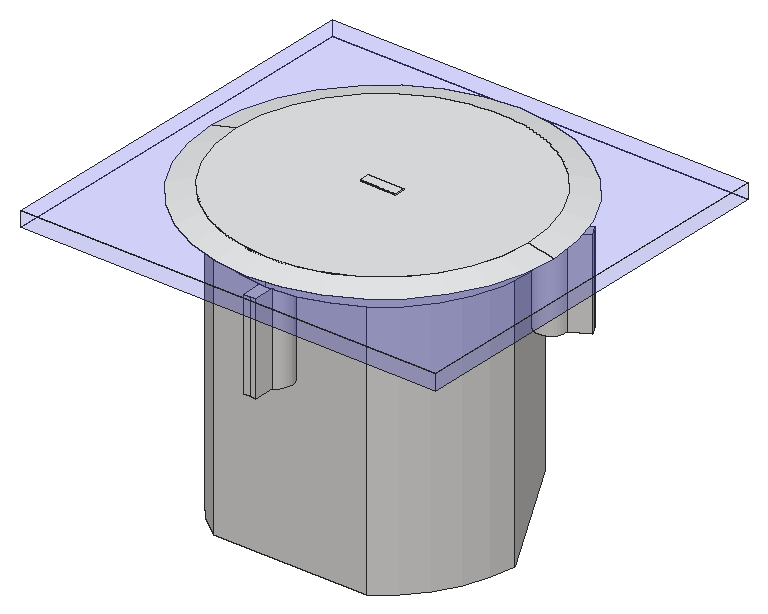
Revit family "AD-C6T", category Communication Devices, host Face, Revit 2014
Parameters (values of type "AD-C6T")
  Width = Grille Radius Base * 2  # 280 mm
  Weight Product (lb) = 9.5
  Weight Product (kg) = 4.3
  Weight Dimensional (lb) = 13.9
  Weight Dimensional (kg) = 6.3
  URL = ""
  Sensitivity = 90.1
  SPL Max = 113.9
  Regulatory Compliance = "EN54-24, UL1480, UL2043, NFPA90, NFPA70, UL1876, ROHS, C-TICK X000, CE"
  Product Page URL = ""
  Product Documentation Link = ""
  Power Handling = 120
  Model = "AD-C6T"
  Middle Radius = 120 mm
  Middle Depth = 17 mm
  Manufacturer URL = "www.qscaudio.com"
  Manufacturer = "QSC Audio Products, LLC"
  Logo Material [instance] = White Powder Coated Finish
  Impedance = 16
  Grille Radius Extent = 120 mm
  Grille Radius Base = 140 mm
  Grille Material [instance] = White Powder Coated Mesh
  Grille Depth = 5 mm
  Enclosure Radius = 114 mm
  Enclosure Depth = 215 mm
  Description = "6.5\" Two-way Loudspeaker"
  Depth = Grille Depth + Middle Depth + Enclosure Depth  # 237 mm
  Default Elevation = 0 mm
  Coverage Vertical = 105.00°
  Coverage Horizontal = 105.00°
  70V Taps = "7.5, 15, 30, 60"
  100V Taps = "15, 30, 60"
Reference planes
  plane 1 "Center (Front/Back)": y = 0
  plane 2: z = 0
  plane 3 "Center (Left/Right)": x = 0
  plane 4 "Grill Extent": z = 5
  plane 5 "Enclosure Extent": z = -232
  plane 6 "Middle Extent": z = -17
Forms (mm)
  Extrusion 1, solid, material "Glass"
    sketch origin (0, 0, 0) x (1, 0, 0) y (0, 1, 0)
      loop
        line (-165.641, 155.286) -> (-165.641, -164.606) -> (175.462, -164.606) -> (175.462, 155.286) -> (-165.641, 155.286)
    from 0 to -12.576
  Extrusion 2, solid, material "Steel"
    sketch origin (0, 0, -17) x (0, 1, 0) y (-1, 0, 0)
      loop
        circle (0, 0) r 120
    from 0 to 17 <- "Middle Depth"
  Extrusion 3, solid, material "Steel"
    sketch origin (0, 0, -232) x (0, 1, 0) y (-1, 0, 0)
      loop
        circle (0, 0) r 114
    from 0 to 215 <- "Enclosure Depth"
  Blend 4, solid, material "White Powder Coated Mesh" <- "Grille Material"
    base sketch origin (0, 0, 0) x (1, 0, 0) y (0, 1, 0)
      loop
        circle (0, 0) r 140
    top sketch origin (0, 0, 0) x (1, 0, 0) y (0, 1, 0)
      loop
        circle (0, 0) r 120
    from 0 to 5 <- "Grille Depth"
  Extrusion 5, solid, material "White Powder Coated Finish" <- "Logo Material"
    sketch origin (-182.677, -24.318, 5) x (0, 1, 0) y (-1, 0, 0)
      loop
        arc (28.268, -168.392) -> (28.119, -168.033) -> (27.76, -167.884) r 0.508
        line (27.76, -167.884) -> (20.111, -167.884)
        arc (20.111, -167.884) -> (19.752, -168.033) -> (19.603, -168.392) r 0.508
        line (19.603, -168.392) -> (19.603, -196.527)
        arc (19.603, -196.527) -> (19.752, -196.887) -> (20.111, -197.035) r 0.508
        line (20.111, -197.035) -> (27.76, -197.035)
        arc (27.76, -197.035) -> (28.119, -196.887) -> (28.268, -196.527) r 0.508
        line (28.268, -196.527) -> (28.268, -168.392)
    from 0 to 0.794
  Extrusion 6, void
    sketch origin (0, 0, -232) x (0, 1, 0) y (-1, 0, 0)
      loop
        line (119.814, -40.492) -> (-36.07, -130.492) -> (119.814, -130.492) -> (119.814, -40.492)
      loop
        line (119.814, 40.492) -> (119.814, 130.492) -> (-36.07, 130.492) -> (119.814, 40.492)
      loop
        line (-94.974, 87.226) -> (-139.974, 87.226) -> (-139.974, -97.774) -> (-94.974, -97.774) -> (-94.974, 87.226)
    from 0 to 215 <- "Enclosure Depth"
  Extrusion 7, solid, material "Steel"
    sketch origin (0, 0, -17) x (0, 1, 0) y (-1, 0, 0)
      loop
        arc (-119.633, -5) -> (-96.724, 0) -> (-119.633, 5) r 12
        line (-119.633, 5) -> (-136.724, 5) -> (-136.724, 0) -> (-136.724, -5) -> (-119.633, -5)
      loop
        arc (64.147, -101.105) -> (48.362, -83.766) -> (55.486, -106.105) r 12
        line (55.486, -106.105) -> (64.032, -120.907) -> (68.362, -118.407) -> (72.692, -115.907) -> (64.147, -101.105)
      loop
        arc (55.486, 106.105) -> (48.362, 83.766) -> (64.147, 101.105) r 12
        line (64.147, 101.105) -> (72.692, 115.907) -> (68.362, 118.407) -> (64.032, 120.907) -> (55.486, 106.105)
    from 0 to -73
Cuts and joins
  Extrusion 6 cuts Extrusion 2
  Extrusion 6 cuts Extrusion 3
Lines and regions (mm)
  model lines
    curve 1: line (1.937, -1.546, 5.794) -> (-0.28, 1.374, 5.794)
    curve 2: line (-0.28, 1.374, 5.794) -> (1.937, -1.546, 5.794)
    curve 3: line (-8.315, -1.182, 5.794) -> (-7.478, 1.831, 5.794)
    curve 4: line (-7.478, 1.831, 5.794) -> (-8.315, -1.182, 5.794)
    curve 5: line (-6.916, -3.176, 5.794) -> (-7.541, 2.398, 5.794)
    curve 6: line (-7.541, 2.398, 5.794) -> (-6.916, -3.176, 5.794)
    curve 7: line (4.904, 0.724, 5.794) -> (6.881, -0.728, 5.794)
    curve 8: line (6.881, -0.728, 5.794) -> (4.904, 0.724, 5.794)
Dimensions and locks
  "Grille Depth": plane 4 "Grill Extent" to plane 2
  "Middle Depth": plane 6 "Middle Extent" to plane 2
  "Enclosure Depth": plane 5 "Enclosure Extent" to plane 6 "Middle Extent"
  "Middle Radius": radius of Extrusion 2 sketch curve
  "Enclosure Radius": radius of Extrusion 3 sketch curve
  "Grille Radius Base": radius of Blend 4 sketch curve
  "Grille Radius Extent": radius of Blend 4 sketch curve
  aligned and locked: plane 2 to Extrusion 1
  aligned and locked: level to Extrusion 1
  aligned and locked: Blend 4 to plane 2
Automatic sketch dimensions
  plane 1 "Center (Front/Back)" to Extrusion 2 sketch curve = 0 mm
  Extrusion 2 sketch curve to plane 3 "Center (Left/Right)" = 0 mm
  plane 1 "Center (Front/Back)" to Extrusion 3 sketch curve = 0 mm
  Extrusion 3 sketch curve to plane 3 "Center (Left/Right)" = 0 mm
  plane 1 "Center (Front/Back)" to Blend 4 sketch curve = 0 mm  (x2)
  Blend 4 sketch curve to plane 3 "Center (Left/Right)" = 0 mm  (x2)
  plane 1 "Center (Front/Back)" to Extrusion 5 sketch curve = 4.714 mm
  Extrusion 5 sketch curve to Extrusion 5 sketch curve = 0.508 mm  (x3)
  Extrusion 5 sketch curve to Extrusion 5 sketch curve = 7.649 mm  (x2)
  plane 3 "Center (Left/Right)" to Extrusion 5 sketch curve = 14.359 mm
  Extrusion 5 sketch curve to Extrusion 5 sketch curve = 28.136 mm
  curve 6 to Extrusion 5 = 1.538 mm
  curve 5 to curve 6 = 0 mm  (x3)
  curve 1 to Extrusion 5 = 3.168 mm
  curve 2 to curve 1 = 0 mm  (x3)
  curve 6 to curve 4 = 1.994 mm
  curve 3 to curve 4 = 0 mm  (x3)
  curve 7 to Extrusion 5 = 3.986 mm
  curve 8 to curve 7 = 0 mm  (x3)
  curve 8 to curve 7 = 1.452 mm
  curve 1 to Extrusion 5 = 2.576 mm
  curve 3 to curve 6 = 0.568 mm
  curve 8 to Extrusion 5 = 7.478 mm
  curve 7 to curve 8 = 0 mm
  curve 8 to curve 7 = 1.976 mm
  curve 7 to curve 2 = 2.968 mm
  curve 1 to curve 2 = 0 mm
  curve 1 to curve 1 = 2.216 mm
  curve 6 to Extrusion 5 = 7.876 mm
  curve 5 to curve 4 = 0.561 mm
  curve 3 to curve 5 = 0.064 mm
  curve 6 to curve 5 = 0 mm
  curve 6 to curve 4 = 1.399 mm
  Extrusion 1 sketch curve to Extrusion 1 sketch curve = 341.103 mm
  Extrusion 1 sketch curve to Extrusion 1 sketch curve = 319.892 mm
  plane 1 "Center (Front/Back)" to Extrusion 6 sketch curve = 139.974 mm
  Extrusion 6 sketch curve to plane 1 "Center (Front/Back)" = 119.814 mm  (x2)
  plane 3 "Center (Left/Right)" to Extrusion 6 sketch curve = 130.492 mm
  Extrusion 6 sketch curve to plane 3 "Center (Left/Right)" = 87.226 mm
  Extrusion 6 sketch curve to Extrusion 6 sketch curve = 58.904 mm  (x2)
  Extrusion 6 sketch curve to Extrusion 6 sketch curve = 43.266 mm
  plane 3 "Center (Left/Right)" to Extrusion 6 sketch curve = 40.492 mm
  Extrusion 6 sketch curve to plane 3 "Center (Left/Right)" = 40.492 mm
  Extrusion 6 sketch curve to Extrusion 6 sketch curve = 32.718 mm
  Extrusion 6 sketch curve to Extrusion 6 sketch curve = 45 mm
  Extrusion 7 sketch curve to plane 3 "Center (Left/Right)" = 0 mm  (x2)
  Extrusion 7 sketch curve to plane 3 "Center (Left/Right)" = 5 mm
  plane 1 "Center (Front/Back)" to Extrusion 7 sketch curve = 136.724 mm
  plane 3 "Center (Left/Right)" to Extrusion 7 sketch curve = 5 mm
  Extrusion 7 sketch curve to Extrusion 7 sketch curve = 17.091 mm
  Extrusion 7 sketch curve to Extrusion 7 sketch curve = 10.909 mm
  Extrusion 7 sketch curve to plane 1 "Center (Front/Back)" = 54.362 mm  (x2)
  Extrusion 7 sketch curve to Extrusion 7 sketch curve = 1.124 mm  (x2)
  Extrusion 7 sketch curve to Extrusion 7 sketch curve = 8.546 mm  (x2)
  Extrusion 7 sketch curve to Extrusion 7 sketch curve = 8.66 mm  (x2)
  Extrusion 7 sketch curve to Extrusion 7 sketch curve = 4.33 mm  (x4)
  plane 3 "Center (Left/Right)" to Extrusion 7 sketch curve = 94.158 mm
  Extrusion 7 sketch curve to Extrusion 7 sketch curve = 6.947 mm  (x2)
  Extrusion 7 sketch curve to Extrusion 7 sketch curve = 14.801 mm  (x2)
  Extrusion 7 sketch curve to plane 3 "Center (Left/Right)" = 94.158 mm
Connectors
  electrical at (0, 0, -232)
    settings: on Extrusion 3, index 2, voltage 0 V, apparent load 0 VA, apparent load phase1 0 VA, apparent load phase2 0 VA, apparent load phase3 0 VA, power factor 1, load classification "Other", number of poles 1, system type 14, power factor state 1, is connector primary yes, connector utility no, sub classification motor no, connector description "Speaker"
